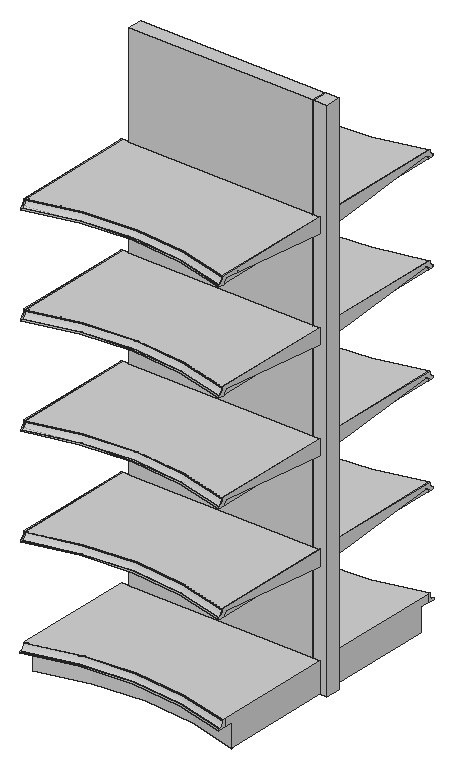
Revit family "ML9", category Specialty Equipment, Revit 2012
Parameters (values of type "Maxi Line Concave Add-On (Default)")
  Width = 3' - 0"
  URL = "http://www.madixinc.com/display/maxiline/radius/index.html"
  Model = "Maxi Line"
  Manufacturer = "© 2012 Madix, Inc. All rights reserved."
  "Front" Base Shelf [instance] = yes
  "Front" Shelf 2' [instance] = yes
  "Front" Shelf 3' - 6" [instance] = yes
  "Front" Shelf 5' [instance] = yes
  "Front" Shelf 6' - 6" [instance] = yes
  "Back" Base Shelf [instance] = yes
  "Back" Shelf 2' [instance] = yes
  "Back" Shelf 3' - 6" [instance] = yes
  "Front" Shelf Depth = 1' - 10"
  "Back" Shelf 5' [instance] = yes
  "Back" Shelf Depth = 1' - 10"
  Upright Height = 8' - 0"
  "Back" Shelf 6' - 6" [instance] = yes
Reference planes (in)
  plane 1 "Center (Front/Back)": y = 0
  plane 2: z = 0
  plane 3 "Center (Left/Right)": x = 0
  plane 4: y = 1.375
  plane 5: y = -1.375
  plane 6: z = 96
  plane 7: z = 0
  plane 8 "1st shelf": z = 23.5
  plane 9 "2nd shelf": z = 41.5
  plane 10 "3rd shelf": z = 59.5
  plane 11 "4th shelf": z = 77.5
  plane 12: x = -18
  plane 13: x = 18
  plane 14: x = -17.875
  plane 15: x = 17.875
  plane 16: z = 41.5
  plane 17: y = 24.25
  plane 18: y = 23.375
  plane 19: z = 5.5
  plane 20: z = 4.125
  plane 21: z = 23.5
  plane 22: y = -23.375
  plane 23: z = 4.125
Forms (in)
  Extrusion 1, solid, material "Metal - Steel"
    sketch origin (-24, 1.375, 0) x (1, 0, 0) y (0, 0, 1)
      loop
        line (7.2815, 0) -> (42, 0) -> (43.25, 0) -> (43.25, 96) -> (40.75, 96) -> (40.75, 0.03125) -> (40.71924, 0.03125) -> (40.71924, 96) -> (7.2815, 96) -> (7.2815, 0.03125) -> (7.2815, 0)
    from 0 to 2.75
  Extrusion 2, solid, material "Metal - Steel", visible <- ""Front" Base Shelf"
    sketch origin (-24, 1.39583, 4.375) x (1, 0, 0) y (0, 1, 0)
      loop
        line (6, -2.77083) -> (6, -24.35026) -> (6, -25.69542)
        arc (6, -25.69542) -> (24, -22.69473) -> (42, -25.69542) r 55.48794
        line (42, -25.69542) -> (42, -24.35026) -> (42, -2.77083) -> (6, -2.77083)
    from -0.25 to 1.125
  Extrusion 3, solid, material "Metal - Steel", visible <- ""Front" Base Shelf"
    sketch origin (-24, 1.35728, 4.375) x (1, 0, 0) y (0, 1, 0)
      loop
        line (42, -2.73228) -> (6, -2.73228) -> (6, -22.73228)
        arc (6, -22.73228) -> (24, -19.73228) -> (42, -22.73228) r 55.5
        line (42, -22.73228) -> (42, -2.73228)
    from -4.375 to -0.25
  Sweep 4, void
    path in 3D
      loop
        arc (18, -24.29959, 5.5) -> (0, -21.2989, 5.5) -> (-18, -24.29959, 5.5) r 55.48794
    profile origin (0, -21.2989, 5.5) x (0, -1, 0) y (0, 0, 1)
      loop
        line (0, -1.125) -> (0.5, -1.125) -> (0.5, 0) -> (0, 0) -> (-0.75, 0) -> (-0.75, -0.125) -> (-0.875, -0.125)
        arc (-0.875, -0.125) -> (-0.61304, -0.76286) -> (-0.125, -1.25) r 1.75
        line (-0.125, -1.25) -> (-0.125, -1.125) -> (0, -1.125)
  Extrusion 5, solid, material "Metal - Steel", visible <- ""Front" Shelf 2'"
    sketch origin (-24, 1.39583, 22.375) x (1, 0, 0) y (0, 1, 0)
      loop
        line (6.125, -2.77083) -> (6.125, -25.63844)
        arc (6.125, -25.63844) -> (24, -22.68121) -> (41.875, -25.63844) r 55.50145
        line (41.875, -25.63844) -> (41.875, -2.77083) -> (6.125, -2.77083)
    from -0.25 to 1.125
  Sweep 6, void
    path in 3D
      loop
        arc (17.875, -24.24261, 23.5) -> (0, -21.28538, 23.5) -> (-17.875, -24.24261, 23.5) r 55.50145
    profile origin (0, -21.28538, 23.5) x (0, -1, 0) y (0, 0, 1)
      loop
        line (-0.79226, 0) -> (-0.79226, -0.125) -> (-0.9246, -0.125)
        arc (-0.9246, -0.125) -> (-0.64351, -0.76861) -> (-0.13213, -1.25) r 1.75105
        line (-0.13213, -1.25) -> (-0.13213, -1.125) -> (0, -1.125) -> (0.5, -1.125) -> (0.5, 0) -> (-0.79226, 0)
  Extrusion 7, solid, material "Metal - Steel", visible <- ""Back" Base Shelf"
    sketch origin (-24, -1.39583, 4.375) x (1, 0, 0) y (0, 1, 0)
      loop
        line (6, 2.77083) -> (42, 2.77083) -> (42, 24.35026) -> (42, 25.69542)
        arc (42, 25.69542) -> (24, 22.69473) -> (6, 25.69542) r 55.48794
        line (6, 25.69542) -> (6, 24.35026) -> (6, 2.77083)
    from -0.25 to 1.125
  Extrusion 8, solid, material "Metal - Steel", visible <- ""Back" Base Shelf"
    sketch origin (-24, -0.95442, 4.375) x (1, 0, 0) y (0, 1, 0)
      loop
        line (42, 2.32942) -> (42, 22.32942)
        arc (42, 22.32942) -> (24, 19.32942) -> (6, 22.32942) r 55.5
        line (6, 22.32942) -> (6, 2.32942) -> (42, 2.32942)
    from -4.375 to -0.25
  Sweep 9, void
    path in 3D
      loop
        arc (-18, 24.29959, 5.5) -> (0, 21.2989, 5.5) -> (18, 24.29959, 5.5) r 55.48794
    profile origin (0, 21.2989, 5.5) x (0, 1, 0) y (0, 0, 1)
      loop
        line (-0.08295, -1.125) -> (0.50692, -1.125) -> (0.50692, 0) -> (-0.74308, 0) -> (-0.74308, -0.125) -> (-0.875, -0.125)
        arc (-0.875, -0.125) -> (-0.59436, -0.76874) -> (-0.08295, -1.25) r 1.74733
        line (-0.08295, -1.25) -> (-0.08295, -1.125)
  Extrusion 10, solid, material "Metal - Steel", visible <- ""Front" Shelf 2'"
    sketch origin (0, 0, 0) x (0, 1, 0) y (0, 0, 1)
      loop
        line (-1.375, 23.5) -> (-23.37362, 23.5)
        arc (-23.37362, 23.5) -> (-23.68874, 22.84529) -> (-24.24261, 22.375) r 1.75
        line (-24.24261, 22.375) -> (-24.24261, 22.125) -> (-23.24261, 22.125) -> (-23.24261, 22.375) -> (-22.49261, 23) -> (-22.24261, 23) -> (-22.24261, 22.875) -> (-1.375, 20.75) -> (-1.375, 23.5)
      loop
        circle (-20.24261, 23) r 0.125
      loop
        circle (-2.5, 23) r 0.125
    from -18 to -17.875
  Extrusion 11, solid, material "Metal - Steel", visible <- ""Front" Shelf 2'"
    sketch origin (0, 0, 0) x (0, 1, 0) y (0, 0, -1)
      loop
        line (-1.375, -23.5) -> (-1.375, -20.75) -> (-22.24261, -22.875) -> (-22.24261, -23) -> (-22.49261, -23) -> (-23.24261, -22.375) -> (-23.24261, -22.125) -> (-24.24261, -22.125) -> (-24.24261, -22.375)
        arc (-24.24261, -22.375) -> (-23.68874, -22.84529) -> (-23.37362, -23.5) r 1.75
        line (-23.37362, -23.5) -> (-1.375, -23.5)
      loop
        circle (-20.24261, -23) r 0.125
      loop
        circle (-2.5, -23) r 0.125
    from -18 to -17.875
  Extrusion 12, solid, material "Metal - Steel", visible <- ""Front" Shelf 3' - 6""
    sketch origin (-24, 1.39583, 40.375) x (1, 0, 0) y (0, 1, 0)
      loop
        line (6.125, -2.77083) -> (6.125, -25.63844)
        arc (6.125, -25.63844) -> (24, -22.68121) -> (41.875, -25.63844) r 55.50145
        line (41.875, -25.63844) -> (41.875, -2.77083) -> (6.125, -2.77083)
    from -0.25 to 1.125
  Sweep 13, void
    path in 3D
      loop
        arc (17.875, -24.24261, 41.5) -> (0, -21.28538, 41.5) -> (-17.875, -24.24261, 41.5) r 55.50145
    profile origin (0, -21.28538, 41.5) x (0, -1, 0) y (0, 0, 1)
      loop
        line (-0.79226, 0) -> (-0.79226, -0.125) -> (-0.9246, -0.125)
        arc (-0.9246, -0.125) -> (-0.64351, -0.76861) -> (-0.13213, -1.25) r 1.75105
        line (-0.13213, -1.25) -> (-0.13213, -1.125) -> (0, -1.125) -> (0.5, -1.125) -> (0.5, 0) -> (-0.79226, 0)
  Extrusion 14, solid, material "Metal - Steel", visible <- ""Front" Shelf 3' - 6""
    sketch origin (0, 0, 18) x (0, 1, 0) y (0, 0, 1)
      loop
        line (-1.375, 23.5) -> (-23.37362, 23.5)
        arc (-23.37362, 23.5) -> (-23.68874, 22.84529) -> (-24.24261, 22.375) r 1.75
        line (-24.24261, 22.375) -> (-24.24261, 22.125) -> (-23.24261, 22.125) -> (-23.24261, 22.375) -> (-22.49261, 23) -> (-22.24261, 23) -> (-22.24261, 22.875) -> (-1.375, 20.75) -> (-1.375, 23.5)
      loop
        circle (-20.24261, 23) r 0.125
      loop
        circle (-2.5, 23) r 0.125
    from -18 to -17.875
  Extrusion 15, solid, material "Metal - Steel", visible <- ""Front" Shelf 3' - 6""
    sketch origin (0, 0, 18) x (0, 1, 0) y (0, 0, -1)
      loop
        line (-1.375, -23.5) -> (-1.375, -20.75) -> (-22.24261, -22.875) -> (-22.24261, -23) -> (-22.49261, -23) -> (-23.24261, -22.375) -> (-23.24261, -22.125) -> (-24.24261, -22.125) -> (-24.24261, -22.375)
        arc (-24.24261, -22.375) -> (-23.68874, -22.84529) -> (-23.37362, -23.5) r 1.75
        line (-23.37362, -23.5) -> (-1.375, -23.5)
      loop
        circle (-20.24261, -23) r 0.125
      loop
        circle (-2.5, -23) r 0.125
    from -18 to -17.875
  Extrusion 16, solid, material "Metal - Steel", visible <- ""Front" Shelf 5'"
    sketch origin (-24, 1.39583, 58.375) x (1, 0, 0) y (0, 1, 0)
      loop
        line (6.125, -2.77083) -> (6.125, -25.63844)
        arc (6.125, -25.63844) -> (24, -22.68121) -> (41.875, -25.63844) r 55.50145
        line (41.875, -25.63844) -> (41.875, -2.77083) -> (6.125, -2.77083)
    from -0.25 to 1.125
  Sweep 17, void
    path in 3D
      loop
        arc (17.875, -24.24261, 59.5) -> (0, -21.28538, 59.5) -> (-17.875, -24.24261, 59.5) r 55.50145
    profile origin (0, -21.28538, 59.5) x (0, -1, 0) y (0, 0, 1)
      loop
        line (-0.79226, 0) -> (-0.79226, -0.125) -> (-0.9246, -0.125)
        arc (-0.9246, -0.125) -> (-0.64351, -0.76861) -> (-0.13213, -1.25) r 1.75105
        line (-0.13213, -1.25) -> (-0.13213, -1.125) -> (0, -1.125) -> (0.5, -1.125) -> (0.5, 0) -> (-0.79226, 0)
  Extrusion 18, solid, material "Metal - Steel", visible <- ""Front" Shelf 5'"
    sketch origin (0, 0, 36) x (0, 1, 0) y (0, 0, 1)
      loop
        line (-1.375, 23.5) -> (-23.37362, 23.5)
        arc (-23.37362, 23.5) -> (-23.68874, 22.84529) -> (-24.24261, 22.375) r 1.75
        line (-24.24261, 22.375) -> (-24.24261, 22.125) -> (-23.24261, 22.125) -> (-23.24261, 22.375) -> (-22.49261, 23) -> (-22.24261, 23) -> (-22.24261, 22.875) -> (-1.375, 20.75) -> (-1.375, 23.5)
      loop
        circle (-20.24261, 23) r 0.125
      loop
        circle (-2.5, 23) r 0.125
    from -18 to -17.875
  Extrusion 19, solid, material "Metal - Steel", visible <- ""Front" Shelf 5'"
    sketch origin (0, 0, 36) x (0, 1, 0) y (0, 0, -1)
      loop
        line (-1.375, -23.5) -> (-1.375, -20.75) -> (-22.24261, -22.875) -> (-22.24261, -23) -> (-22.49261, -23) -> (-23.24261, -22.375) -> (-23.24261, -22.125) -> (-24.24261, -22.125) -> (-24.24261, -22.375)
        arc (-24.24261, -22.375) -> (-23.68874, -22.84529) -> (-23.37362, -23.5) r 1.75
        line (-23.37362, -23.5) -> (-1.375, -23.5)
      loop
        circle (-20.24261, -23) r 0.125
      loop
        circle (-2.5, -23) r 0.125
    from -18 to -17.875
  Extrusion 20, solid, material "Metal - Steel", visible <- ""Front" Shelf 6' - 6""
    sketch origin (-24, 1.39583, 76.375) x (1, 0, 0) y (0, 1, 0)
      loop
        line (6.125, -2.77083) -> (6.125, -25.63844)
        arc (6.125, -25.63844) -> (24, -22.68121) -> (41.875, -25.63844) r 55.50145
        line (41.875, -25.63844) -> (41.875, -2.77083) -> (6.125, -2.77083)
    from -0.25 to 1.125
  Sweep 21, void
    path in 3D
      loop
        arc (17.875, -24.24261, 77.5) -> (0, -21.28538, 77.5) -> (-17.875, -24.24261, 77.5) r 55.50145
    profile origin (0, -21.28538, 77.5) x (0, -1, 0) y (0, 0, 1)
      loop
        line (-0.79226, 0) -> (-0.79226, -0.125) -> (-0.9246, -0.125)
        arc (-0.9246, -0.125) -> (-0.64351, -0.76861) -> (-0.13213, -1.25) r 1.75105
        line (-0.13213, -1.25) -> (-0.13213, -1.125) -> (0, -1.125) -> (0.5, -1.125) -> (0.5, 0) -> (-0.79226, 0)
  Extrusion 22, solid, material "Metal - Steel", visible <- ""Front" Shelf 6' - 6""
    sketch origin (0, 0, 54) x (0, 1, 0) y (0, 0, 1)
      loop
        line (-1.375, 23.5) -> (-23.37362, 23.5)
        arc (-23.37362, 23.5) -> (-23.68874, 22.84529) -> (-24.24261, 22.375) r 1.75
        line (-24.24261, 22.375) -> (-24.24261, 22.125) -> (-23.24261, 22.125) -> (-23.24261, 22.375) -> (-22.49261, 23) -> (-22.24261, 23) -> (-22.24261, 22.875) -> (-1.375, 20.75) -> (-1.375, 23.5)
      loop
        circle (-20.24261, 23) r 0.125
      loop
        circle (-2.5, 23) r 0.125
    from -18 to -17.875
  Extrusion 23, solid, material "Metal - Steel", visible <- ""Front" Shelf 6' - 6""
    sketch origin (0, 0, 54) x (0, 1, 0) y (0, 0, -1)
      loop
        line (-1.375, -23.5) -> (-1.375, -20.75) -> (-22.24261, -22.875) -> (-22.24261, -23) -> (-22.49261, -23) -> (-23.24261, -22.375) -> (-23.24261, -22.125) -> (-24.24261, -22.125) -> (-24.24261, -22.375)
        arc (-24.24261, -22.375) -> (-23.68874, -22.84529) -> (-23.37362, -23.5) r 1.75
        line (-23.37362, -23.5) -> (-1.375, -23.5)
      loop
        circle (-20.24261, -23) r 0.125
      loop
        circle (-2.5, -23) r 0.125
    from -18 to -17.875
  Extrusion 24, solid, material "Metal - Steel", visible <- ""Back" Shelf 6' - 6""
    sketch origin (-24, -1.39583, 76.375) x (1, 0, 0) y (0, 1, 0)
      loop
        line (6.125, 2.77083) -> (41.875, 2.77083) -> (41.875, 25.63844)
        arc (41.875, 25.63844) -> (24, 22.68121) -> (6.125, 25.63844) r 55.50145
        line (6.125, 25.63844) -> (6.125, 2.77083)
    from -0.25 to 1.125
  Sweep 25, void
    path in 3D
      loop
        arc (-17.875, 24.24261, 77.5) -> (0, 21.28538, 77.5) -> (17.875, 24.24261, 77.5) r 55.50145
    profile origin (0, 21.28538, 77.5) x (0, 1, 0) y (0, 0, 1)
      loop
        line (-0.79226, 0) -> (-0.79226, -0.125) -> (-0.9246, -0.125)
        arc (-0.9246, -0.125) -> (-0.64351, -0.76861) -> (-0.13213, -1.25) r 1.75105
        line (-0.13213, -1.25) -> (-0.13213, -1.125) -> (0, -1.125) -> (0.5, -1.125) -> (0.5, 0) -> (-0.79226, 0)
  Extrusion 26, solid, material "Metal - Steel", visible <- ""Back" Shelf 6' - 6""
    sketch origin (0, 0, 54) x (0, -1, 0) y (0, 0, -1)
      loop
        line (-1.375, -23.5) -> (-1.375, -20.75) -> (-22.24261, -22.875) -> (-22.24261, -23) -> (-22.49261, -23) -> (-23.24261, -22.375) -> (-23.24261, -22.125) -> (-24.24261, -22.125) -> (-24.24261, -22.375)
        arc (-24.24261, -22.375) -> (-23.68874, -22.84529) -> (-23.37362, -23.5) r 1.75
        line (-23.37362, -23.5) -> (-1.375, -23.5)
      loop
        circle (-20.24261, -23) r 0.125
      loop
        circle (-2.5, -23) r 0.125
    from -18 to -17.875
  Extrusion 27, solid, material "Metal - Steel", visible <- ""Back" Shelf 6' - 6""
    sketch origin (0, 0, 54) x (0, -1, 0) y (0, 0, 1)
      loop
        line (-1.375, 23.5) -> (-23.37362, 23.5)
        arc (-23.37362, 23.5) -> (-23.68874, 22.84529) -> (-24.24261, 22.375) r 1.75
        line (-24.24261, 22.375) -> (-24.24261, 22.125) -> (-23.24261, 22.125) -> (-23.24261, 22.375) -> (-22.49261, 23) -> (-22.24261, 23) -> (-22.24261, 22.875) -> (-1.375, 20.75) -> (-1.375, 23.5)
      loop
        circle (-20.24261, 23) r 0.125
      loop
        circle (-2.5, 23) r 0.125
    from -18 to -17.875
  Extrusion 28, solid, material "Metal - Steel", visible <- ""Back" Shelf 5'"
    sketch origin (-24, -1.39583, 58.375) x (1, 0, 0) y (0, 1, 0)
      loop
        line (6.125, 2.77083) -> (41.875, 2.77083) -> (41.875, 25.63844)
        arc (41.875, 25.63844) -> (24, 22.68121) -> (6.125, 25.63844) r 55.50145
        line (6.125, 25.63844) -> (6.125, 2.77083)
    from -0.25 to 1.125
  Sweep 29, void
    path in 3D
      loop
        arc (-17.875, 24.24261, 59.5) -> (0, 21.28538, 59.5) -> (17.875, 24.24261, 59.5) r 55.50145
    profile origin (0, 21.28538, 59.5) x (0, 1, 0) y (0, 0, 1)
      loop
        line (-0.79226, 0) -> (-0.79226, -0.125) -> (-0.9246, -0.125)
        arc (-0.9246, -0.125) -> (-0.64351, -0.76861) -> (-0.13213, -1.25) r 1.75105
        line (-0.13213, -1.25) -> (-0.13213, -1.125) -> (0, -1.125) -> (0.5, -1.125) -> (0.5, 0) -> (-0.79226, 0)
  Extrusion 30, solid, material "Metal - Steel", visible <- ""Back" Shelf 5'"
    sketch origin (0, 0, 36) x (0, -1, 0) y (0, 0, -1)
      loop
        line (-1.375, -23.5) -> (-1.375, -20.75) -> (-22.24261, -22.875) -> (-22.24261, -23) -> (-22.49261, -23) -> (-23.24261, -22.375) -> (-23.24261, -22.125) -> (-24.24261, -22.125) -> (-24.24261, -22.375)
        arc (-24.24261, -22.375) -> (-23.68874, -22.84529) -> (-23.37362, -23.5) r 1.75
        line (-23.37362, -23.5) -> (-1.375, -23.5)
      loop
        circle (-20.24261, -23) r 0.125
      loop
        circle (-2.5, -23) r 0.125
    from -18 to -17.875
  Extrusion 31, solid, material "Metal - Steel", visible <- ""Back" Shelf 5'"
    sketch origin (0, 0, 36) x (0, -1, 0) y (0, 0, 1)
      loop
        line (-1.375, 23.5) -> (-23.37362, 23.5)
        arc (-23.37362, 23.5) -> (-23.68874, 22.84529) -> (-24.24261, 22.375) r 1.75
        line (-24.24261, 22.375) -> (-24.24261, 22.125) -> (-23.24261, 22.125) -> (-23.24261, 22.375) -> (-22.49261, 23) -> (-22.24261, 23) -> (-22.24261, 22.875) -> (-1.375, 20.75) -> (-1.375, 23.5)
      loop
        circle (-20.24261, 23) r 0.125
      loop
        circle (-2.5, 23) r 0.125
    from -18 to -17.875
  Extrusion 32, solid, material "Metal - Steel", visible <- ""Back" Shelf 3' - 6""
    sketch origin (-24, -1.39583, 40.375) x (1, 0, 0) y (0, 1, 0)
      loop
        line (6.125, 2.77083) -> (41.875, 2.77083) -> (41.875, 25.63844)
        arc (41.875, 25.63844) -> (24, 22.68121) -> (6.125, 25.63844) r 55.50145
        line (6.125, 25.63844) -> (6.125, 2.77083)
    from -0.25 to 1.125
  Sweep 33, void
    path in 3D
      loop
        arc (-17.875, 24.24261, 41.5) -> (0, 21.28538, 41.5) -> (17.875, 24.24261, 41.5) r 55.50145
    profile origin (0, 21.28538, 41.5) x (0, 1, 0) y (0, 0, 1)
      loop
        line (-0.79226, 0) -> (-0.79226, -0.125) -> (-0.9246, -0.125)
        arc (-0.9246, -0.125) -> (-0.64351, -0.76861) -> (-0.13213, -1.25) r 1.75105
        line (-0.13213, -1.25) -> (-0.13213, -1.125) -> (0, -1.125) -> (0.5, -1.125) -> (0.5, 0) -> (-0.79226, 0)
  Extrusion 34, solid, material "Metal - Steel", visible <- ""Back" Shelf 3' - 6""
    sketch origin (0, 0, 18) x (0, -1, 0) y (0, 0, -1)
      loop
        line (-1.375, -23.5) -> (-1.375, -20.75) -> (-22.24261, -22.875) -> (-22.24261, -23) -> (-22.49261, -23) -> (-23.24261, -22.375) -> (-23.24261, -22.125) -> (-24.24261, -22.125) -> (-24.24261, -22.375)
        arc (-24.24261, -22.375) -> (-23.68874, -22.84529) -> (-23.37362, -23.5) r 1.75
        line (-23.37362, -23.5) -> (-1.375, -23.5)
      loop
        circle (-20.24261, -23) r 0.125
      loop
        circle (-2.5, -23) r 0.125
    from -18 to -17.875
  Extrusion 35, solid, material "Metal - Steel", visible <- ""Back" Shelf 3' - 6""
    sketch origin (0, 0, 18) x (0, -1, 0) y (0, 0, 1)
      loop
        line (-1.375, 23.5) -> (-23.37362, 23.5)
        arc (-23.37362, 23.5) -> (-23.68874, 22.84529) -> (-24.24261, 22.375) r 1.75
        line (-24.24261, 22.375) -> (-24.24261, 22.125) -> (-23.24261, 22.125) -> (-23.24261, 22.375) -> (-22.49261, 23) -> (-22.24261, 23) -> (-22.24261, 22.875) -> (-1.375, 20.75) -> (-1.375, 23.5)
      loop
        circle (-20.24261, 23) r 0.125
      loop
        circle (-2.5, 23) r 0.125
    from -18 to -17.875
  Extrusion 36, solid, material "Metal - Steel", visible <- ""Back" Shelf 2'"
    sketch origin (-24, -1.39583, 22.375) x (1, 0, 0) y (0, 1, 0)
      loop
        line (6.125, 2.77083) -> (41.875, 2.77083) -> (41.875, 25.63844)
        arc (41.875, 25.63844) -> (24, 22.68121) -> (6.125, 25.63844) r 55.50145
        line (6.125, 25.63844) -> (6.125, 2.77083)
    from -0.25 to 1.125
  Sweep 37, void
    path in 3D
      loop
        arc (-17.875, 24.24261, 23.5) -> (0, 21.28538, 23.5) -> (17.875, 24.24261, 23.5) r 55.50145
    profile origin (0, 21.28538, 23.5) x (0, 1, 0) y (0, 0, 1)
      loop
        line (-0.79226, 0) -> (-0.79226, -0.125) -> (-0.9246, -0.125)
        arc (-0.9246, -0.125) -> (-0.64351, -0.76861) -> (-0.13213, -1.25) r 1.75105
        line (-0.13213, -1.25) -> (-0.13213, -1.125) -> (0, -1.125) -> (0.5, -1.125) -> (0.5, 0) -> (-0.79226, 0)
  Extrusion 38, solid, material "Metal - Steel", visible <- ""Back" Shelf 2'"
    sketch origin (0, 0, 0) x (0, -1, 0) y (0, 0, -1)
      loop
        line (-1.375, -23.5) -> (-1.375, -20.75) -> (-22.24261, -22.875) -> (-22.24261, -23) -> (-22.49261, -23) -> (-23.24261, -22.375) -> (-23.24261, -22.125) -> (-24.24261, -22.125) -> (-24.24261, -22.375)
        arc (-24.24261, -22.375) -> (-23.68874, -22.84529) -> (-23.37362, -23.5) r 1.75
        line (-23.37362, -23.5) -> (-1.375, -23.5)
      loop
        circle (-20.24261, -23) r 0.125
      loop
        circle (-2.5, -23) r 0.125
    from -18 to -17.875
  Extrusion 39, solid, material "Metal - Steel", visible <- ""Back" Shelf 2'"
    sketch origin (0, 0, 0) x (0, -1, 0) y (0, 0, 1)
      loop
        line (-1.375, 23.5) -> (-23.37362, 23.5)
        arc (-23.37362, 23.5) -> (-23.68874, 22.84529) -> (-24.24261, 22.375) r 1.75
        line (-24.24261, 22.375) -> (-24.24261, 22.125) -> (-23.24261, 22.125) -> (-23.24261, 22.375) -> (-22.49261, 23) -> (-22.24261, 23) -> (-22.24261, 22.875) -> (-1.375, 20.75) -> (-1.375, 23.5)
      loop
        circle (-20.24261, 23) r 0.125
      loop
        circle (-2.5, 23) r 0.125
    from -18 to -17.875
Cuts and joins
  Sweep 4 cuts Extrusion 2
  Sweep 4 cuts Extrusion 3
  joined: Extrusion 2, Extrusion 3
  Sweep 6, Sweep 13 cuts Extrusion 5
  Sweep 9 cuts Extrusion 7
  joined: Extrusion 7, Extrusion 8
  Sweep 13 cuts Extrusion 10
  Sweep 13 cuts Extrusion 11
  Sweep 13, Sweep 17 cuts Extrusion 12
  Sweep 17 cuts Extrusion 14
  Sweep 17 cuts Extrusion 15
  Sweep 17, Sweep 21 cuts Extrusion 16
  Sweep 21 cuts Extrusion 18
  Sweep 21 cuts Extrusion 19
  Sweep 21, Sweep 25 cuts Extrusion 20
  Sweep 25 cuts Extrusion 22
  Sweep 25 cuts Extrusion 23
  Sweep 25, Sweep 29 cuts Extrusion 24
  Sweep 29 cuts Extrusion 26
  Sweep 29 cuts Extrusion 27
  Sweep 29, Sweep 33 cuts Extrusion 28
  Sweep 33 cuts Extrusion 30
  Sweep 33 cuts Extrusion 31
  Sweep 33, Sweep 37 cuts Extrusion 32
  Sweep 37 cuts Extrusion 34
  Sweep 37 cuts Extrusion 35
  Sweep 37 cuts Extrusion 36
Lines and regions (in)
  Split face 1
    outline origin (-24, -1.375, 0) x (1, 0, 0) y (0, 0, 1)
      loop
        line (7.2815, 96) -> (7.2815, 0.03125) -> (40.71924, 0.03125) -> (40.71924, 96)
  Split face 2
    outline origin (-24, 1.375, 0) x (1, 0, 0) y (0, 0, 1)
      loop
        line (40.71924, 96) -> (40.71924, 0.03125) -> (7.2815, 0.03125) -> (7.2815, 96)
  model lines
    curve 1: line (-18, 0, 0) -> (18, 0, 0)
  reference lines
    curve 2: line (-16.75, 0, 23.5) -> (16.71875, 0, 23.5)
    curve 3: line (-16.75, 0, 59.5) -> (16.71875, 0, 59.5)
    curve 4: line (16.71875, 0, 77.5) -> (-16.71875, 0, 77.5)
    curve 5: line (-18, -18.77594, 77.5) -> (-17.96875, -18.77594, 77.5)
  sketch lines
    curve 6: arc (18, -24.29959, 5.5) -> (0, -21.2989, 5.5) -> (-18, -24.29959, 5.5) r 55.48794
    curve 7: arc (17.875, -24.24261, 23.5) -> (0, -21.28538, 23.5) -> (-17.875, -24.24261, 23.5) r 55.50145
    curve 8: arc (-18, 24.29959, 5.5) -> (0, 21.2989, 5.5) -> (18, 24.29959, 5.5) r 55.48794
    curve 9: arc (17.875, -24.24261, 41.5) -> (0, -21.28538, 41.5) -> (-17.875, -24.24261, 41.5) r 55.50145
    curve 10: arc (17.875, -24.24261, 59.5) -> (0, -21.28538, 59.5) -> (-17.875, -24.24261, 59.5) r 55.50145
    curve 11: arc (17.875, -24.24261, 77.5) -> (0, -21.28538, 77.5) -> (-17.875, -24.24261, 77.5) r 55.50145
    curve 12: arc (-17.875, 24.24261, 77.5) -> (0, 21.28538, 77.5) -> (17.875, 24.24261, 77.5) r 55.50145
    curve 13: arc (-17.875, 24.24261, 59.5) -> (0, 21.28538, 59.5) -> (17.875, 24.24261, 59.5) r 55.50145
    curve 14: arc (-17.875, 24.24261, 41.5) -> (0, 21.28538, 41.5) -> (17.875, 24.24261, 41.5) r 55.50145
    curve 15: arc (-17.875, 24.24261, 23.5) -> (0, 21.28538, 23.5) -> (17.875, 24.24261, 23.5) r 55.50145
Dimensions and locks (in)
  "Upright Height": plane 6 to level
  equal spacing: plane 12, plane 3 "Center (Left/Right)", plane 13
  "Width": plane 12 to plane 13
  locked: plane 12 to plane 14 at 0.125
  locked: plane 15 to plane 13 at 0.125
  ""Back" Shelf Depth": plane 4 to plane 18
  locked: plane 18 to plane 17 at 0.875
  ""Front" Shelf Depth": plane 5 to plane 22
  aligned and locked: level to plane 2
  aligned and locked: Extrusion 1 to plane 6  (x2)
  aligned and locked: Extrusion 3 to Extrusion 2
  aligned and locked: Extrusion 2 to plane 5
  aligned and locked: Extrusion 3 to plane 5
  aligned and locked: Extrusion 2 to plane 20
  aligned and locked: plane 20 to Extrusion 3
  aligned and locked: Extrusion 5 to plane 5
  aligned and locked: plane 8 "1st shelf" to Extrusion 5
  aligned and locked: Extrusion 7 to Extrusion 8
  aligned and locked: plane 23 to Extrusion 7
  aligned and locked: Extrusion 8 to plane 23
  aligned and locked: Extrusion 10 to plane 14
  aligned and locked: plane 12 to Extrusion 10
  aligned and locked: Extrusion 27 to plane 13
  aligned and locked: Extrusion 31 to plane 15
  aligned and locked: Extrusion 31 to plane 13
  aligned and locked: Extrusion 35 to plane 15
  aligned and locked: Extrusion 35 to plane 13
  aligned and locked: Extrusion 39 to plane 15
  aligned and locked: Extrusion 39 to plane 13
  aligned and locked: plane 14 to Extrusion 26
  aligned and locked: plane 12 to Extrusion 26
  aligned and locked: plane 14 to Extrusion 30
  aligned and locked: plane 12 to Extrusion 30
  aligned and locked: plane 14 to Extrusion 34
  aligned and locked: plane 12 to Extrusion 34
  aligned and locked: plane 14 to Extrusion 38
  aligned and locked: plane 12 to Extrusion 38
  aligned and locked: Extrusion 22 to plane 14
  aligned and locked: plane 12 to Extrusion 22
  aligned and locked: Extrusion 18 to plane 14
  aligned and locked: plane 12 to Extrusion 18
  aligned and locked: Extrusion 14 to plane 14
  aligned and locked: plane 12 to Extrusion 14
  aligned and locked: plane 15 to Extrusion 23
  aligned and locked: Extrusion 23 to plane 13
  aligned and locked: plane 15 to Extrusion 19
  aligned and locked: Extrusion 19 to plane 13
  aligned and locked: plane 15 to Extrusion 15
  aligned and locked: Extrusion 15 to plane 13
  aligned and locked: plane 15 to Extrusion 11
  aligned and locked: Extrusion 11 to plane 13
  aligned and locked: Extrusion 27 to plane 15
  aligned and locked: Extrusion 8 to plane 4
Automatic sketch dimensions
  plane 1 "Center (Front/Back)" to curve 1 = 0' - 0"
  curve 1 to plane 12 = 0' - 0"
  curve 1 to plane 13 = 0' - 0"
  curve 3 to plane 10 "3rd shelf" = 0' - 0"
  curve 2 to plane 8 "1st shelf" = 0' - 0"
  curve 4 to plane 11 "4th shelf" = 0' - 0"
  plane 14 to curve 3 = 0' - 1 1/8"
  plane 14 to curve 2 = 0' - 1 1/8"
  plane 14 to curve 4 = 0' - 1 5/32"
  plane 15 to curve 4 = 0' - 1 5/32"
  plane 15 to curve 3 = 0' - 1 5/32"
  plane 15 to curve 2 = 0' - 1 5/32"
  Split face 1 sketch curve to Extrusion 1 = 0' - 0"  (x4)
  Extrusion 1 to Split face 1 sketch curve = 0' - 0"
  Extrusion 1 to Split face 2 sketch curve = 0' - 0"
  Split face 2 sketch curve to Extrusion 1 = 0' - 0"  (x4)
  curve 5 to plane 12 = 0' - 0"
  curve 5 to curve 5 = 0' - 0 1/32"
  curve 5 to plane 22 = 0' - 4.59906"
  plane 5 to Extrusion 2 sketch curve = 0' - 0"
  Extrusion 2 sketch curve to plane 12 = 0' - 0"
  Extrusion 2 sketch curve to plane 3 "Center (Left/Right)" = 0' - 0"
  Extrusion 2 sketch curve to plane 13 = 0' - 0"
  Extrusion 2 sketch curve to plane 22 = 0' - 0.42058"  (x2)
  plane 22 to Extrusion 2 sketch curve = 0' - 0.92459"
  plane 22 to Extrusion 2 sketch curve = 4' - 5.41184"
  plane 5 to Extrusion 3 sketch curve = 0' - 0"
  Extrusion 3 sketch curve to plane 12 = 0' - 0"
  Extrusion 3 sketch curve to plane 3 "Center (Left/Right)" = 0' - 0"
  Extrusion 3 sketch curve to plane 13 = 0' - 0"
  Extrusion 3 sketch curve to plane 22 = 0' - 2"
  plane 22 to Extrusion 3 sketch curve = 4' - 2 1/2"
  Sweep 4 sketch curve to profile plane = 0' - 0"  (x3)
  profile plane to Sweep 4 sketch curve = 0' - 0 1/8"
  profile plane to Sweep 4 sketch curve = 0' - 0 3/4"
  Sweep 4 sketch curve to Sweep 4 sketch curve = 0' - 0 1/8"  (x3)
  Sweep 4 sketch curve to Sweep 4 sketch curve = 0' - 0 1/2"
  Sweep 4 sketch curve to Sweep 4 sketch curve = 0' - 0.34305"
  Sweep 4 sketch curve to Sweep 4 sketch curve = 0' - 1 1/8"
  Extrusion 5 sketch curve to plane 14 = 0' - 0"
  Extrusion 5 sketch curve to plane 3 "Center (Left/Right)" = 0' - 0"
  Extrusion 5 sketch curve to plane 15 = 0' - 0"
  plane 5 to Extrusion 5 sketch curve = 0' - 0"
  plane 22 to Extrusion 5 sketch curve = 0' - 0.86761"
  plane 22 to Extrusion 5 sketch curve = 4' - 5.41184"
  Sweep 6 sketch curve to profile plane = 0' - 0"  (x2)
  Sweep 6 sketch curve to Sweep 6 sketch curve = 0' - 0.13213"
  profile plane to Sweep 6 sketch curve = 0' - 0.79226"
  Sweep 6 sketch curve to Sweep 6 sketch curve = 0' - 0.13235"
  Sweep 6 sketch curve to profile plane = 0' - 0 1/2"
  profile plane to Sweep 6 sketch curve = 0' - 0.2398"
  Sweep 6 sketch curve to Sweep 6 sketch curve = 0' - 0.28802"
  Sweep 6 sketch curve to profile plane = 0' - 0 1/8"
  Sweep 6 sketch curve to Sweep 6 sketch curve = 0' - 0 1/8"
  Extrusion 7 sketch curve to plane 4 = 0' - 0"
  Extrusion 7 sketch curve to plane 12 = 0' - 0"
  Extrusion 7 sketch curve to plane 3 "Center (Left/Right)" = 0' - 0"
  Extrusion 7 sketch curve to plane 13 = 0' - 0"
  plane 18 to Extrusion 7 sketch curve = 0' - 0.42058"  (x2)
  Extrusion 7 sketch curve to plane 17 = 0' - 0.04959"
  Extrusion 7 sketch curve to plane 17 = 4' - 4.53684"
  Extrusion 8 sketch curve to plane 12 = 0' - 0"
  Extrusion 8 sketch curve to plane 3 "Center (Left/Right)" = 0' - 0"
  Extrusion 8 sketch curve to plane 13 = 0' - 0"
  plane 4 to Extrusion 8 sketch curve = 0' - 0"
  plane 18 to Extrusion 8 sketch curve = 0' - 2"
  Extrusion 8 sketch curve to plane 17 = 4' - 1 5/8"
  Sweep 9 sketch curve to profile plane = 0' - 0"
  Sweep 9 sketch curve to profile plane = 0' - 0 1/8"
  profile plane to Sweep 9 sketch curve = 0' - 0 7/8"
  Sweep 9 sketch curve to Sweep 9 sketch curve = 0' - 0.13192"
  profile plane to Sweep 9 sketch curve = 0' - 0.08295"
  Sweep 9 sketch curve to profile plane = 0' - 0.50692"
  Sweep 9 sketch curve to Sweep 9 sketch curve = 0' - 0.32746"
  Sweep 9 sketch curve to profile plane = 0' - 1 1/8"
  Sweep 9 sketch curve to Sweep 9 sketch curve = 0' - 0 1/8"
  Extrusion 10 sketch curve to plane 8 "1st shelf" = 0' - 0"
  Extrusion 10 sketch curve to plane 5 = 0' - 0"
  Extrusion 10 sketch curve to plane 8 "1st shelf" = 0' - 0 1/2"  (x2)
  plane 5 to Extrusion 10 sketch curve = 0' - 1 1/8"
  Extrusion 10 sketch curve to plane 22 = 0' - 3.13239"
  Extrusion 10 sketch curve to plane 22 = 0' - 1.13239"
  Extrusion 10 sketch curve to Extrusion 10 sketch curve = 0' - 0 1/4"  (x2)
  Extrusion 10 sketch curve to plane 22 = 0' - 0.13239"
  Extrusion 10 sketch curve to plane 22 = 0' - 0.00138"
  plane 22 to Extrusion 10 sketch curve = 0' - 0.86761"
  plane 8 "1st shelf" to Extrusion 10 sketch curve = 0' - 0.41507"
  plane 22 to Extrusion 10 sketch curve = 0' - 1.69868"
  Extrusion 10 sketch curve to Extrusion 10 sketch curve = 0' - 0"
  Extrusion 10 sketch curve to Extrusion 10 sketch curve = 0' - 2 1/4"
  Extrusion 10 sketch curve to plane 8 "1st shelf" = 0' - 0 5/8"
  Extrusion 10 sketch curve to Extrusion 10 sketch curve = 0' - 0 1/8"
  Extrusion 11 sketch curve to plane 8 "1st shelf" = 0' - 0"
  Extrusion 11 sketch curve to plane 5 = 0' - 0"
  Extrusion 11 sketch curve to plane 8 "1st shelf" = 0' - 0 1/2"  (x3)
  plane 5 to Extrusion 11 sketch curve = 0' - 1 1/8"
  Extrusion 11 sketch curve to plane 22 = 0' - 3.13239"
  Extrusion 11 sketch curve to plane 22 = 0' - 1.13239"
  Extrusion 11 sketch curve to Extrusion 11 sketch curve = 0' - 0 1/4"  (x2)
  Extrusion 11 sketch curve to plane 22 = 0' - 0.13239"
  Extrusion 11 sketch curve to plane 22 = 0' - 0.00138"
  plane 22 to Extrusion 11 sketch curve = 0' - 0.86761"
  plane 8 "1st shelf" to Extrusion 11 sketch curve = 0' - 0.41507"
  plane 22 to Extrusion 11 sketch curve = 0' - 1.69868"
  Extrusion 11 sketch curve to Extrusion 11 sketch curve = 0' - 0 1/8"
  Extrusion 11 sketch curve to Extrusion 11 sketch curve = 0' - 0 5/8"
  Extrusion 11 sketch curve to Extrusion 11 sketch curve = 0' - 2 1/4"
  Extrusion 12 sketch curve to plane 14 = 0' - 0"
  Extrusion 12 sketch curve to plane 3 "Center (Left/Right)" = 0' - 0"
  Extrusion 12 sketch curve to plane 15 = 0' - 0"
  plane 5 to Extrusion 12 sketch curve = 0' - 0"
  plane 22 to Extrusion 12 sketch curve = 0' - 0.86761"
  plane 22 to Extrusion 12 sketch curve = 4' - 5.41184"
  Sweep 13 sketch curve to profile plane = 0' - 0"  (x2)
  Sweep 13 sketch curve to Sweep 13 sketch curve = 0' - 0.13213"
  profile plane to Sweep 13 sketch curve = 0' - 0.79226"
  Sweep 13 sketch curve to Sweep 13 sketch curve = 0' - 0.13235"
  Sweep 13 sketch curve to profile plane = 0' - 0 1/2"
  profile plane to Sweep 13 sketch curve = 0' - 0.2398"
  Sweep 13 sketch curve to Sweep 13 sketch curve = 0' - 0.28802"
  Sweep 13 sketch curve to profile plane = 0' - 0 1/8"
  Sweep 13 sketch curve to Sweep 13 sketch curve = 0' - 0 1/8"
  Extrusion 14 sketch curve to plane 9 "2nd shelf" = 0' - 0"
  Extrusion 14 sketch curve to plane 5 = 0' - 0"
  Extrusion 14 sketch curve to plane 9 "2nd shelf" = 0' - 0 1/2"  (x2)
  plane 5 to Extrusion 14 sketch curve = 0' - 1 1/8"
  Extrusion 14 sketch curve to plane 22 = 0' - 3.13239"
  Extrusion 14 sketch curve to plane 22 = 0' - 1.13239"
  Extrusion 14 sketch curve to Extrusion 14 sketch curve = 0' - 0 1/4"  (x2)
  Extrusion 14 sketch curve to plane 22 = 0' - 0.13239"
  Extrusion 14 sketch curve to plane 22 = 0' - 0.00138"
  plane 22 to Extrusion 14 sketch curve = 0' - 0.86761"
  plane 9 "2nd shelf" to Extrusion 14 sketch curve = 0' - 0.41507"
  plane 22 to Extrusion 14 sketch curve = 0' - 1.69868"
  Extrusion 14 sketch curve to Extrusion 14 sketch curve = 0' - 0"
  Extrusion 14 sketch curve to Extrusion 14 sketch curve = 0' - 2 1/4"
  Extrusion 14 sketch curve to plane 9 "2nd shelf" = 0' - 0 5/8"
  Extrusion 14 sketch curve to Extrusion 14 sketch curve = 0' - 0 1/8"
  Extrusion 15 sketch curve to plane 9 "2nd shelf" = 0' - 0"
  Extrusion 15 sketch curve to plane 5 = 0' - 0"
  Extrusion 15 sketch curve to plane 9 "2nd shelf" = 0' - 0 1/2"  (x3)
  plane 5 to Extrusion 15 sketch curve = 0' - 1 1/8"
  Extrusion 15 sketch curve to plane 22 = 0' - 3.13239"
  Extrusion 15 sketch curve to plane 22 = 0' - 1.13239"
  Extrusion 15 sketch curve to Extrusion 15 sketch curve = 0' - 0 1/4"  (x2)
  Extrusion 15 sketch curve to plane 22 = 0' - 0.13239"
  Extrusion 15 sketch curve to plane 22 = 0' - 0.00138"
  plane 22 to Extrusion 15 sketch curve = 0' - 0.86761"
  plane 9 "2nd shelf" to Extrusion 15 sketch curve = 0' - 0.41507"
  plane 22 to Extrusion 15 sketch curve = 0' - 1.69868"
  Extrusion 15 sketch curve to Extrusion 15 sketch curve = 0' - 0 1/8"
  Extrusion 15 sketch curve to Extrusion 15 sketch curve = 0' - 0 5/8"
  Extrusion 15 sketch curve to Extrusion 15 sketch curve = 0' - 2 1/4"
  Extrusion 16 sketch curve to plane 14 = 0' - 0"
  Extrusion 16 sketch curve to plane 3 "Center (Left/Right)" = 0' - 0"
  Extrusion 16 sketch curve to plane 15 = 0' - 0"
  plane 5 to Extrusion 16 sketch curve = 0' - 0"
  plane 22 to Extrusion 16 sketch curve = 0' - 0.86761"
  plane 22 to Extrusion 16 sketch curve = 4' - 5.41184"
  Sweep 17 sketch curve to profile plane = 0' - 0"  (x2)
  Sweep 17 sketch curve to Sweep 17 sketch curve = 0' - 0.13213"
  profile plane to Sweep 17 sketch curve = 0' - 0.79226"
  Sweep 17 sketch curve to Sweep 17 sketch curve = 0' - 0.13235"
  Sweep 17 sketch curve to profile plane = 0' - 0 1/2"
  profile plane to Sweep 17 sketch curve = 0' - 0.2398"
  Sweep 17 sketch curve to Sweep 17 sketch curve = 0' - 0.28802"
  Sweep 17 sketch curve to profile plane = 0' - 0 1/8"
  Sweep 17 sketch curve to Sweep 17 sketch curve = 0' - 0 1/8"
  Extrusion 18 sketch curve to plane 10 "3rd shelf" = 0' - 0"
  Extrusion 18 sketch curve to plane 5 = 0' - 0"
  Extrusion 18 sketch curve to plane 10 "3rd shelf" = 0' - 0 1/2"  (x2)
  plane 5 to Extrusion 18 sketch curve = 0' - 1 1/8"
  Extrusion 18 sketch curve to plane 22 = 0' - 3.13239"
  Extrusion 18 sketch curve to plane 22 = 0' - 1.13239"
  Extrusion 18 sketch curve to Extrusion 18 sketch curve = 0' - 0 1/4"  (x2)
  Extrusion 18 sketch curve to plane 22 = 0' - 0.13239"
  Extrusion 18 sketch curve to plane 22 = 0' - 0.00138"
  plane 22 to Extrusion 18 sketch curve = 0' - 0.86761"
  plane 10 "3rd shelf" to Extrusion 18 sketch curve = 0' - 0.41507"
  plane 22 to Extrusion 18 sketch curve = 0' - 1.69868"
  Extrusion 18 sketch curve to Extrusion 18 sketch curve = 0' - 0"
  Extrusion 18 sketch curve to Extrusion 18 sketch curve = 0' - 2 1/4"
  Extrusion 18 sketch curve to plane 10 "3rd shelf" = 0' - 0 5/8"
  Extrusion 18 sketch curve to Extrusion 18 sketch curve = 0' - 0 1/8"
  Extrusion 19 sketch curve to plane 10 "3rd shelf" = 0' - 0"
  Extrusion 19 sketch curve to plane 5 = 0' - 0"
  Extrusion 19 sketch curve to plane 10 "3rd shelf" = 0' - 0 1/2"  (x3)
  plane 5 to Extrusion 19 sketch curve = 0' - 1 1/8"
  Extrusion 19 sketch curve to plane 22 = 0' - 3.13239"
  Extrusion 19 sketch curve to plane 22 = 0' - 1.13239"
  Extrusion 19 sketch curve to Extrusion 19 sketch curve = 0' - 0 1/4"  (x2)
  Extrusion 19 sketch curve to plane 22 = 0' - 0.13239"
  Extrusion 19 sketch curve to plane 22 = 0' - 0.00138"
  plane 22 to Extrusion 19 sketch curve = 0' - 0.86761"
  plane 10 "3rd shelf" to Extrusion 19 sketch curve = 0' - 0.41507"
  plane 22 to Extrusion 19 sketch curve = 0' - 1.69868"
  Extrusion 19 sketch curve to Extrusion 19 sketch curve = 0' - 0 1/8"
  Extrusion 19 sketch curve to Extrusion 19 sketch curve = 0' - 0 5/8"
  Extrusion 19 sketch curve to Extrusion 19 sketch curve = 0' - 2 1/4"
  Extrusion 20 sketch curve to plane 14 = 0' - 0"
  Extrusion 20 sketch curve to plane 3 "Center (Left/Right)" = 0' - 0"
  Extrusion 20 sketch curve to plane 15 = 0' - 0"
  plane 5 to Extrusion 20 sketch curve = 0' - 0"
  plane 22 to Extrusion 20 sketch curve = 0' - 0.86761"
  plane 22 to Extrusion 20 sketch curve = 4' - 5.41184"
  Sweep 21 sketch curve to profile plane = 0' - 0"  (x2)
  Sweep 21 sketch curve to Sweep 21 sketch curve = 0' - 0.13213"
  profile plane to Sweep 21 sketch curve = 0' - 0.79226"
  Sweep 21 sketch curve to Sweep 21 sketch curve = 0' - 0.13235"
  Sweep 21 sketch curve to profile plane = 0' - 0 1/2"
  profile plane to Sweep 21 sketch curve = 0' - 0.2398"
  Sweep 21 sketch curve to Sweep 21 sketch curve = 0' - 0.28802"
  Sweep 21 sketch curve to profile plane = 0' - 0 1/8"
  Sweep 21 sketch curve to Sweep 21 sketch curve = 0' - 0 1/8"
  Extrusion 22 sketch curve to plane 11 "4th shelf" = 0' - 0"
  Extrusion 22 sketch curve to plane 5 = 0' - 0"
  Extrusion 22 sketch curve to plane 11 "4th shelf" = 0' - 0 1/2"  (x2)
  plane 5 to Extrusion 22 sketch curve = 0' - 1 1/8"
  Extrusion 22 sketch curve to plane 22 = 0' - 3.13239"
  Extrusion 22 sketch curve to plane 22 = 0' - 1.13239"
  Extrusion 22 sketch curve to Extrusion 22 sketch curve = 0' - 0 1/4"  (x2)
  Extrusion 22 sketch curve to plane 22 = 0' - 0.13239"
  Extrusion 22 sketch curve to plane 22 = 0' - 0.00138"
  plane 22 to Extrusion 22 sketch curve = 0' - 0.86761"
  plane 11 "4th shelf" to Extrusion 22 sketch curve = 0' - 0.41507"
  plane 22 to Extrusion 22 sketch curve = 0' - 1.69868"
  Extrusion 22 sketch curve to Extrusion 22 sketch curve = 0' - 0"
  Extrusion 22 sketch curve to Extrusion 22 sketch curve = 0' - 2 1/4"
  Extrusion 22 sketch curve to plane 11 "4th shelf" = 0' - 0 5/8"
  Extrusion 22 sketch curve to Extrusion 22 sketch curve = 0' - 0 1/8"
  Extrusion 23 sketch curve to plane 11 "4th shelf" = 0' - 0"
  Extrusion 23 sketch curve to plane 5 = 0' - 0"
  Extrusion 23 sketch curve to plane 11 "4th shelf" = 0' - 0 1/2"  (x3)
  plane 5 to Extrusion 23 sketch curve = 0' - 1 1/8"
  Extrusion 23 sketch curve to plane 22 = 0' - 3.13239"
  Extrusion 23 sketch curve to plane 22 = 0' - 1.13239"
  Extrusion 23 sketch curve to Extrusion 23 sketch curve = 0' - 0 1/4"  (x2)
  Extrusion 23 sketch curve to plane 22 = 0' - 0.13239"
  Extrusion 23 sketch curve to plane 22 = 0' - 0.00138"
  plane 22 to Extrusion 23 sketch curve = 0' - 0.86761"
  plane 11 "4th shelf" to Extrusion 23 sketch curve = 0' - 0.41507"
  plane 22 to Extrusion 23 sketch curve = 0' - 1.69868"
  Extrusion 23 sketch curve to Extrusion 23 sketch curve = 0' - 0 1/8"
  Extrusion 23 sketch curve to Extrusion 23 sketch curve = 0' - 0 5/8"
  Extrusion 23 sketch curve to Extrusion 23 sketch curve = 0' - 2 1/4"
  Extrusion 24 sketch curve to plane 14 = 0' - 0"
  Extrusion 24 sketch curve to plane 3 "Center (Left/Right)" = 0' - 0"
  Extrusion 24 sketch curve to plane 15 = 0' - 0"
  Extrusion 24 sketch curve to plane 4 = 0' - 0"
  plane 17 to Extrusion 24 sketch curve = 0' - 0.00739"
  Extrusion 24 sketch curve to plane 17 = 4' - 4.53684"
  Sweep 25 sketch curve to profile plane = 0' - 0"  (x2)
  Sweep 25 sketch curve to Sweep 25 sketch curve = 0' - 0.13213"
  profile plane to Sweep 25 sketch curve = 0' - 0.79226"
  Sweep 25 sketch curve to Sweep 25 sketch curve = 0' - 0.13235"
  Sweep 25 sketch curve to profile plane = 0' - 0 1/2"
  profile plane to Sweep 25 sketch curve = 0' - 0.2398"
  Sweep 25 sketch curve to Sweep 25 sketch curve = 0' - 0.28802"
  Sweep 25 sketch curve to profile plane = 0' - 0 1/8"
  Sweep 25 sketch curve to Sweep 25 sketch curve = 0' - 0 1/8"
  Extrusion 26 sketch curve to plane 11 "4th shelf" = 0' - 0"
  Extrusion 26 sketch curve to plane 4 = 0' - 0"
  plane 11 "4th shelf" to Extrusion 26 sketch curve = 0' - 0 1/2"  (x3)
  Extrusion 26 sketch curve to plane 4 = 0' - 1 1/8"
  Extrusion 26 sketch curve to plane 18 = 0' - 3.13239"
  Extrusion 26 sketch curve to plane 18 = 0' - 1.13239"
  Extrusion 26 sketch curve to Extrusion 26 sketch curve = 0' - 0 1/4"  (x2)
  Extrusion 26 sketch curve to plane 18 = 0' - 0.13239"
  Extrusion 26 sketch curve to plane 18 = 0' - 0.00138"
  Extrusion 26 sketch curve to plane 17 = 0' - 0.00739"
  plane 17 to Extrusion 26 sketch curve = 0' - 0.82368"
  Extrusion 26 sketch curve to Extrusion 26 sketch curve = 0' - 0 1/8"
  Extrusion 26 sketch curve to Extrusion 26 sketch curve = 0' - 0 5/8"
  Extrusion 26 sketch curve to Extrusion 26 sketch curve = 0' - 0"
  Extrusion 26 sketch curve to Extrusion 26 sketch curve = 0' - 2 1/4"
  Extrusion 27 sketch curve to plane 11 "4th shelf" = 0' - 0"
  Extrusion 27 sketch curve to plane 4 = 0' - 0"
  Extrusion 27 sketch curve to plane 11 "4th shelf" = 0' - 0 1/2"  (x3)
  plane 4 to Extrusion 27 sketch curve = 0' - 1 1/8"
  plane 18 to Extrusion 27 sketch curve = 0' - 3.13239"
  plane 18 to Extrusion 27 sketch curve = 0' - 1.13239"
  Extrusion 27 sketch curve to Extrusion 27 sketch curve = 0' - 0 1/4"  (x2)
  plane 18 to Extrusion 27 sketch curve = 0' - 0.13239"
  plane 18 to Extrusion 27 sketch curve = 0' - 0.00138"
  plane 17 to Extrusion 27 sketch curve = 0' - 0.00739"
  Extrusion 27 sketch curve to plane 17 = 0' - 0.82368"
  Extrusion 27 sketch curve to Extrusion 27 sketch curve = 0' - 0 1/8"
  Extrusion 27 sketch curve to Extrusion 27 sketch curve = 0' - 0 5/8"
  Extrusion 27 sketch curve to Extrusion 27 sketch curve = 0' - 0"
  Extrusion 27 sketch curve to Extrusion 27 sketch curve = 0' - 2 1/4"
  Extrusion 28 sketch curve to plane 14 = 0' - 0"
  Extrusion 28 sketch curve to plane 3 "Center (Left/Right)" = 0' - 0"
  Extrusion 28 sketch curve to plane 15 = 0' - 0"
  Extrusion 28 sketch curve to plane 4 = 0' - 0"
  plane 17 to Extrusion 28 sketch curve = 0' - 0.00739"
  Extrusion 28 sketch curve to plane 17 = 4' - 4.53684"
  Sweep 29 sketch curve to profile plane = 0' - 0"  (x2)
  Sweep 29 sketch curve to Sweep 29 sketch curve = 0' - 0.13213"
  profile plane to Sweep 29 sketch curve = 0' - 0.79226"
  Sweep 29 sketch curve to Sweep 29 sketch curve = 0' - 0.13235"
  Sweep 29 sketch curve to profile plane = 0' - 0 1/2"
  profile plane to Sweep 29 sketch curve = 0' - 0.2398"
  Sweep 29 sketch curve to Sweep 29 sketch curve = 0' - 0.28802"
  Sweep 29 sketch curve to profile plane = 0' - 0 1/8"
  Sweep 29 sketch curve to Sweep 29 sketch curve = 0' - 0 1/8"
  Extrusion 30 sketch curve to plane 10 "3rd shelf" = 0' - 0"
  Extrusion 30 sketch curve to plane 4 = 0' - 0"
  plane 10 "3rd shelf" to Extrusion 30 sketch curve = 0' - 0 1/2"  (x3)
  Extrusion 30 sketch curve to plane 4 = 0' - 1 1/8"
  Extrusion 30 sketch curve to plane 18 = 0' - 3.13239"
  Extrusion 30 sketch curve to plane 18 = 0' - 1.13239"
  Extrusion 30 sketch curve to Extrusion 30 sketch curve = 0' - 0 1/4"  (x2)
  Extrusion 30 sketch curve to plane 18 = 0' - 0.13239"
  Extrusion 30 sketch curve to plane 18 = 0' - 0.00138"
  Extrusion 30 sketch curve to plane 17 = 0' - 0.00739"
  plane 17 to Extrusion 30 sketch curve = 0' - 0.82368"
  Extrusion 30 sketch curve to Extrusion 30 sketch curve = 0' - 0 1/8"
  Extrusion 30 sketch curve to Extrusion 30 sketch curve = 0' - 0 5/8"
  Extrusion 30 sketch curve to Extrusion 30 sketch curve = 0' - 0"
  Extrusion 30 sketch curve to Extrusion 30 sketch curve = 0' - 2 1/4"
  Extrusion 31 sketch curve to plane 10 "3rd shelf" = 0' - 0"
  Extrusion 31 sketch curve to plane 4 = 0' - 0"
  Extrusion 31 sketch curve to plane 10 "3rd shelf" = 0' - 0 1/2"  (x3)
  plane 4 to Extrusion 31 sketch curve = 0' - 1 1/8"
  plane 18 to Extrusion 31 sketch curve = 0' - 3.13239"
  plane 18 to Extrusion 31 sketch curve = 0' - 1.13239"
  Extrusion 31 sketch curve to Extrusion 31 sketch curve = 0' - 0 1/4"  (x2)
  plane 18 to Extrusion 31 sketch curve = 0' - 0.13239"
  plane 18 to Extrusion 31 sketch curve = 0' - 0.00138"
  plane 17 to Extrusion 31 sketch curve = 0' - 0.00739"
  Extrusion 31 sketch curve to plane 17 = 0' - 0.82368"
  Extrusion 31 sketch curve to Extrusion 31 sketch curve = 0' - 0 1/8"
  Extrusion 31 sketch curve to Extrusion 31 sketch curve = 0' - 0 5/8"
  Extrusion 31 sketch curve to Extrusion 31 sketch curve = 0' - 0"
  Extrusion 31 sketch curve to Extrusion 31 sketch curve = 0' - 2 1/4"
  Extrusion 32 sketch curve to plane 14 = 0' - 0"
  Extrusion 32 sketch curve to plane 3 "Center (Left/Right)" = 0' - 0"
  Extrusion 32 sketch curve to plane 15 = 0' - 0"
  Extrusion 32 sketch curve to plane 4 = 0' - 0"
  plane 17 to Extrusion 32 sketch curve = 0' - 0.00739"
  Extrusion 32 sketch curve to plane 17 = 4' - 4.53684"
  Sweep 33 sketch curve to profile plane = 0' - 0"  (x2)
  Sweep 33 sketch curve to Sweep 33 sketch curve = 0' - 0.13213"
  profile plane to Sweep 33 sketch curve = 0' - 0.79226"
  Sweep 33 sketch curve to Sweep 33 sketch curve = 0' - 0.13235"
  Sweep 33 sketch curve to profile plane = 0' - 0 1/2"
  profile plane to Sweep 33 sketch curve = 0' - 0.2398"
  Sweep 33 sketch curve to Sweep 33 sketch curve = 0' - 0.28802"
  Sweep 33 sketch curve to profile plane = 0' - 0 1/8"
  Sweep 33 sketch curve to Sweep 33 sketch curve = 0' - 0 1/8"
  Extrusion 34 sketch curve to plane 9 "2nd shelf" = 0' - 0"
  Extrusion 34 sketch curve to plane 4 = 0' - 0"
  plane 9 "2nd shelf" to Extrusion 34 sketch curve = 0' - 0 1/2"  (x3)
  Extrusion 34 sketch curve to plane 4 = 0' - 1 1/8"
  Extrusion 34 sketch curve to plane 18 = 0' - 3.13239"
  Extrusion 34 sketch curve to plane 18 = 0' - 1.13239"
  Extrusion 34 sketch curve to Extrusion 34 sketch curve = 0' - 0 1/4"  (x2)
  Extrusion 34 sketch curve to plane 18 = 0' - 0.13239"
  Extrusion 34 sketch curve to plane 18 = 0' - 0.00138"
  Extrusion 34 sketch curve to plane 17 = 0' - 0.00739"
  plane 17 to Extrusion 34 sketch curve = 0' - 0.82368"
  Extrusion 34 sketch curve to Extrusion 34 sketch curve = 0' - 0 1/8"
  Extrusion 34 sketch curve to Extrusion 34 sketch curve = 0' - 0 5/8"
  Extrusion 34 sketch curve to Extrusion 34 sketch curve = 0' - 0"
  Extrusion 34 sketch curve to Extrusion 34 sketch curve = 0' - 2 1/4"
  Extrusion 35 sketch curve to plane 9 "2nd shelf" = 0' - 0"
  Extrusion 35 sketch curve to plane 4 = 0' - 0"
  Extrusion 35 sketch curve to plane 9 "2nd shelf" = 0' - 0 1/2"  (x3)
  plane 4 to Extrusion 35 sketch curve = 0' - 1 1/8"
  plane 18 to Extrusion 35 sketch curve = 0' - 3.13239"
  plane 18 to Extrusion 35 sketch curve = 0' - 1.13239"
  Extrusion 35 sketch curve to Extrusion 35 sketch curve = 0' - 0 1/4"  (x2)
  plane 18 to Extrusion 35 sketch curve = 0' - 0.13239"
  plane 18 to Extrusion 35 sketch curve = 0' - 0.00138"
  plane 17 to Extrusion 35 sketch curve = 0' - 0.00739"
  Extrusion 35 sketch curve to plane 17 = 0' - 0.82368"
  Extrusion 35 sketch curve to Extrusion 35 sketch curve = 0' - 0 1/8"
  Extrusion 35 sketch curve to Extrusion 35 sketch curve = 0' - 0 5/8"
  Extrusion 35 sketch curve to Extrusion 35 sketch curve = 0' - 0"
  Extrusion 35 sketch curve to Extrusion 35 sketch curve = 0' - 2 1/4"
  Extrusion 36 sketch curve to plane 14 = 0' - 0"
  Extrusion 36 sketch curve to plane 3 "Center (Left/Right)" = 0' - 0"
  Extrusion 36 sketch curve to plane 15 = 0' - 0"
  Extrusion 36 sketch curve to plane 4 = 0' - 0"
  plane 17 to Extrusion 36 sketch curve = 0' - 0.00739"
  Extrusion 36 sketch curve to plane 17 = 4' - 4.53684"
  Sweep 37 sketch curve to profile plane = 0' - 0"  (x2)
  Sweep 37 sketch curve to Sweep 37 sketch curve = 0' - 0.13213"
  profile plane to Sweep 37 sketch curve = 0' - 0.79226"
  Sweep 37 sketch curve to Sweep 37 sketch curve = 0' - 0.13235"
  Sweep 37 sketch curve to profile plane = 0' - 0 1/2"
  profile plane to Sweep 37 sketch curve = 0' - 0.2398"
  Sweep 37 sketch curve to Sweep 37 sketch curve = 0' - 0.28802"
  Sweep 37 sketch curve to profile plane = 0' - 0 1/8"
  Sweep 37 sketch curve to Sweep 37 sketch curve = 0' - 0 1/8"
  Extrusion 38 sketch curve to plane 8 "1st shelf" = 0' - 0"
  Extrusion 38 sketch curve to plane 4 = 0' - 0"
  plane 8 "1st shelf" to Extrusion 38 sketch curve = 0' - 0 1/2"  (x3)
  Extrusion 38 sketch curve to plane 4 = 0' - 1 1/8"
  Extrusion 38 sketch curve to plane 18 = 0' - 3.13239"
  Extrusion 38 sketch curve to plane 18 = 0' - 1.13239"
  Extrusion 38 sketch curve to Extrusion 38 sketch curve = 0' - 0 1/4"  (x2)
  Extrusion 38 sketch curve to plane 18 = 0' - 0.13239"
  Extrusion 38 sketch curve to plane 18 = 0' - 0.00138"
  Extrusion 38 sketch curve to plane 17 = 0' - 0.00739"
  plane 17 to Extrusion 38 sketch curve = 0' - 0.82368"
  Extrusion 38 sketch curve to Extrusion 38 sketch curve = 0' - 0 1/8"
  Extrusion 38 sketch curve to Extrusion 38 sketch curve = 0' - 0 5/8"
  Extrusion 38 sketch curve to Extrusion 38 sketch curve = 0' - 0"
  Extrusion 38 sketch curve to Extrusion 38 sketch curve = 0' - 2 1/4"
  Extrusion 39 sketch curve to plane 8 "1st shelf" = 0' - 0"
  Extrusion 39 sketch curve to plane 4 = 0' - 0"
  Extrusion 39 sketch curve to plane 8 "1st shelf" = 0' - 0 1/2"  (x3)
  plane 4 to Extrusion 39 sketch curve = 0' - 1 1/8"
  plane 18 to Extrusion 39 sketch curve = 0' - 3.13239"
  plane 18 to Extrusion 39 sketch curve = 0' - 1.13239"
  Extrusion 39 sketch curve to Extrusion 39 sketch curve = 0' - 0 1/4"  (x2)
  plane 18 to Extrusion 39 sketch curve = 0' - 0.13239"
  plane 18 to Extrusion 39 sketch curve = 0' - 0.00138"
  plane 17 to Extrusion 39 sketch curve = 0' - 0.00739"
  Extrusion 39 sketch curve to plane 17 = 0' - 0.82368"
  Extrusion 39 sketch curve to Extrusion 39 sketch curve = 0' - 0 1/8"
  Extrusion 39 sketch curve to Extrusion 39 sketch curve = 0' - 0 5/8"
  Extrusion 39 sketch curve to Extrusion 39 sketch curve = 0' - 0"
  Extrusion 39 sketch curve to Extrusion 39 sketch curve = 0' - 2 1/4"
  Extrusion 1 sketch curve to level = 0' - 0"
  Extrusion 1 sketch curve to plane 6 = 0' - 0"  (x2)
  plane 13 to Extrusion 1 sketch curve = 0' - 0"
  level to Extrusion 1 sketch curve = 0' - 0 1/32"  (x2)
  plane 15 to Extrusion 1 sketch curve = 0' - 1 1/8"
  Extrusion 1 sketch curve to Extrusion 1 sketch curve = 0' - 0.03076"
  plane 14 to Extrusion 1 sketch curve = 0' - 1.1565"
  Extrusion 1 sketch curve to plane 13 = 0' - 1 1/4"
  radius of Extrusion 10 sketch curve = 0' - 0 1/8"  (x2)
  radius of Extrusion 11 sketch curve = 0' - 0 1/8"  (x2)
  radius of Extrusion 14 sketch curve = 0' - 0 1/8"  (x2)
  radius of Extrusion 15 sketch curve = 0' - 0 1/8"  (x2)
  radius of Extrusion 18 sketch curve = 0' - 0 1/8"  (x2)
  radius of Extrusion 19 sketch curve = 0' - 0 1/8"  (x2)
  radius of Extrusion 22 sketch curve = 0' - 0 1/8"  (x2)
  radius of Extrusion 23 sketch curve = 0' - 0 1/8"  (x2)
  radius of Extrusion 26 sketch curve = 0' - 0 1/8"  (x2)
  radius of Extrusion 27 sketch curve = 0' - 0 1/8"  (x2)
  radius of Extrusion 30 sketch curve = 0' - 0 1/8"  (x2)
  radius of Extrusion 31 sketch curve = 0' - 0 1/8"  (x2)
  radius of Extrusion 34 sketch curve = 0' - 0 1/8"  (x2)
  radius of Extrusion 35 sketch curve = 0' - 0 1/8"  (x2)
  radius of Extrusion 38 sketch curve = 0' - 0 1/8"  (x2)
  radius of Extrusion 39 sketch curve = 0' - 0 1/8"  (x2)
